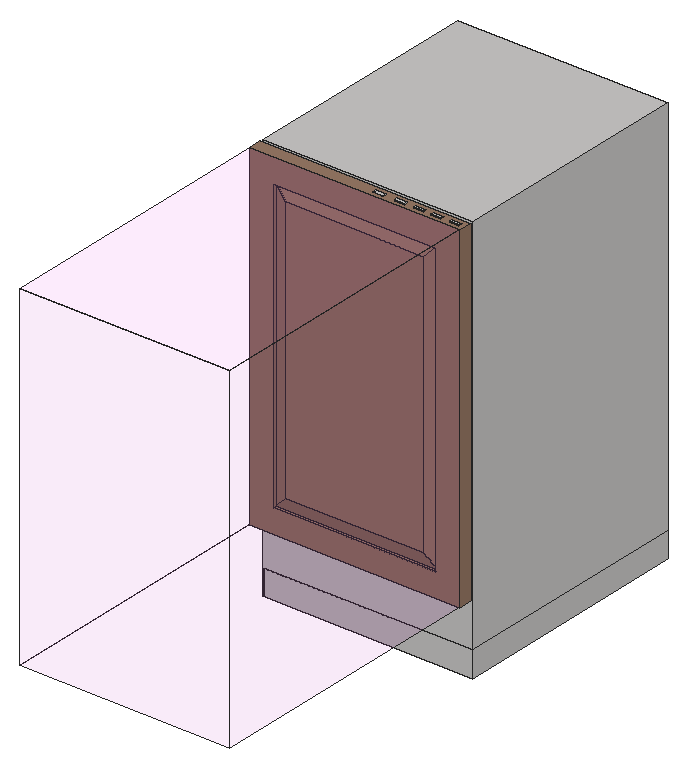
Revit family "QF_Summit_DW186NTADA_Dishwasher", category Specialty Equipment, Revit 2020
Family settings
  Round Connector Dimension = Use Diameter
  Part Type = Normal
  Work Plane-Based = No
  Always vertical = Yes
  Cut with Voids When Loaded = No
  Shared = No
  Room Calculation Point = No
Parameters
  Weight in Pounds = 95
  Watts = if(Phase = 3, Volts * FL Amps * 1.73, Volts * FL Amps)  # 1380 W
  Waste Water Discharge Temperature = -459.67 °F
  Volts = 115 V
  URL Cutsheet = ""
  Specification by User = ""
  Specification by Manufacturer = ""
  Show Legs [instance] = yes
  Show Door Clearance [instance] = yes
  Show Default Legs [instance] = not(Show Legs)  # no
  Serial Number = ""
  Seismic Rating = ""
  SMACNA No = ""
  Revision Code = ""
  Plumbing Remarks = ""
  Plumbing Connection Type = ""
  Phase = 1
  Number of Poles = 1
  NAFEM Spec ID Number = ""
  Model = "DW186NTADA"
  Min Ckt Ampacity = 0 A
  Max Overcurrent Protection = 0 A
  Masterspec = ""
  Manufacturer = "Summit"
  Length = 17 1/2"
  Item Number = ""
  Installed By = ""
  Indirect Waste Size = 1/2"
  Indirect Waste Flow = 0 GPM
  Indirect Waste Connection Type = ""
  Indirect Waste Connection Height = 0"
  Identify Quantity as Lot = yes
  Height [instance] = if(Show Default Legs, 32 1/4", 34")  # 34"
  HP = ""
  Furnished By = ""
  Foodservice Equipment Identifier = yes
  FL Amps = 12 A
  Electrical Remarks = ""
  Electric Connection Type = ""
  Elec Conn RI Height = 0"
  Elec Conn Connection Height = 0"
  Description = "Dishwasher"
  Depth = 21 5/8"
  Default Elevation = 0"
  Cycle = 60 Hz
  Conn Plug = ""
  Conn Conduit = yes
  Cold Water Temperature Recommended = -459.67 °F
  Cold Water Size = 1/2"
  Cold Water RI Height = 0"
  Cold Water Minimum Pressure = 0.00 psi
  Cold Water Maximum Pressure = 0.00 psi
  Cold Water Flow = 0 GPM
  Cold Water Consumption = ""
  Cold Water Connection Height = 0"
  CSI MasterFormat = ""
  Apparent Power = if(Phase = 3, Volts * FL Amps * 1.73, Volts * FL Amps)  # 1380 VA
Reference planes (in)
  plane 1 "BACK": y = 0
  plane 2: z = 0
  plane 3 "LEFT": x = 0
  plane 4 "RIGHT": x = 17.5
  plane 5 "FRONT": y = -21.625
  plane 6 "TOP": z = 34
  plane 7 "Center Y": x = 8.75
  plane 8 "Center X": y = -10.8125
  plane 9: y = -22.5
  plane 10: y = -20.25
  plane 11: y = -45.5
  plane 12: z = 1.75
  plane 13: z = 2.125
  plane 14: z = 5.875
  plane 15: z = 5.625
Forms (in)
  Revolve 1, solid, material "QF_Metal_Stainless_Polished", visible <- "Show Default Legs"
    sketch origin (0, -2, 0) x (1, 0, 0) y (0, 0, 1)
      loop
        line (1.73437, 1.75) -> (1.73437, 2.125) -> (1.1733, 2.125) -> (1.1733, 2) -> (1, 2) -> (1, 1.75) -> (1.73437, 1.75)
      axis (1.73437, 2.125) -> (1.73437, 1.75)
    angle from 0 to 360
  Revolve 2, solid, material "QF_Metal_Stainless_Polished", visible <- "Show Default Legs"
    sketch origin (0, -18.25, 0) x (1, 0, 0) y (0, 0, 1)
      loop
        line (1.73437, 1.75) -> (1.73437, 2.125) -> (1.1733, 2.125) -> (1.1733, 2) -> (1, 2) -> (1, 1.75) -> (1.73437, 1.75)
      axis (1.73437, 2.125) -> (1.73437, 1.75)
    angle from 0 to 360
  Revolve 3, solid, material "QF_Metal_Stainless_Polished", visible <- "Show Default Legs"
    sketch origin (17.5, -2, 0) x (-1, 0, 0) y (0, 0, -1)
      loop
        line (1.73437, -1.75) -> (1, -1.75) -> (1, -2) -> (1.1733, -2) -> (1.1733, -2.125) -> (1.73437, -2.125) -> (1.73437, -1.75)
      axis (1.73437, -2.125) -> (1.73437, -1.75)
    angle from 0 to 360
  Revolve 4, solid, material "QF_Metal_Stainless_Polished", visible <- "Show Default Legs"
    sketch origin (17.5, -18.25, 0) x (-1, 0, 0) y (0, 0, -1)
      loop
        line (1.73437, -1.75) -> (1, -1.75) -> (1, -2) -> (1.1733, -2) -> (1.1733, -2.125) -> (1.73437, -2.125) -> (1.73437, -1.75)
      axis (1.73437, -2.125) -> (1.73437, -1.75)
    angle from 0 to 360
  Revolve 5, solid, material "QF_Metal_Stainless_Polished", visible <- "Show Legs"
    sketch origin (0, -2, 0) x (1, 0, 0) y (0, 0, 1)
      loop
        line (1, 0) -> (1.73437, 0) -> (1.73437, 2.125) -> (1.1733, 2.125) -> (1.1733, 0.25) -> (1, 0.25) -> (1, 0)
      axis (1.73437, 2.125) -> (1.73437, 0)
    angle from 0 to 360
  Revolve 6, solid, material "QF_Metal_Stainless_Polished", visible <- "Show Legs"
    sketch origin (0, -18.25, 0) x (1, 0, 0) y (0, 0, 1)
      loop
        line (1, 0) -> (1.73437, 0) -> (1.73437, 2.125) -> (1.1733, 2.125) -> (1.1733, 0.25) -> (1, 0.25) -> (1, 0)
      axis (1.73437, 2.125) -> (1.73437, 0)
    angle from 0 to 360
  Revolve 7, solid, material "QF_Metal_Stainless_Polished", visible <- "Show Legs"
    sketch origin (17.5, -2, 0) x (-1, 0, 0) y (0, 0, -1)
      loop
        line (1, 0) -> (1, -0.25) -> (1.1733, -0.25) -> (1.1733, -2.125) -> (1.73437, -2.125) -> (1.73437, 0) -> (1, 0)
      axis (1.73437, -2.125) -> (1.73437, 0)
    angle from 0 to 360
  Revolve 8, solid, material "QF_Metal_Stainless_Polished", visible <- "Show Legs"
    sketch origin (17.5, -18.25, 0) x (-1, 0, 0) y (0, 0, -1)
      loop
        line (1, 0) -> (1, -0.25) -> (1.1733, -0.25) -> (1.1733, -2.125) -> (1.73437, -2.125) -> (1.73437, 0) -> (1, 0)
      axis (1.73437, -2.125) -> (1.73437, 0)
    angle from 0 to 360
  Extrusion 9, solid, material "QF_Metal_Stainless_Polished", visible <- "Show Legs"
    sketch origin (0, 0, 0) x (1, 0, 0) y (0, 1, 0)
      loop
        line (0, 0) -> (0, -20.25) -> (17.5, -20.25) -> (17.5, 0) -> (0, 0)
      loop
        line (0.0625, -20.1875) -> (17.4375, -20.1875) -> (17.4375, -0.0625) -> (0.0625, -0.0625) -> (0.0625, -20.1875)
    from 0 to 2.125
Dimensions and locks (in)
  equal spacing: plane 3 "LEFT", plane 7 "Center Y", plane 4 "RIGHT"
  "Length": plane 3 "LEFT" to plane 4 "RIGHT"
  equal spacing: plane 5 "FRONT", plane 8 "Center X", plane 1 "BACK"
  "Depth": plane 5 "FRONT" to plane 1 "BACK"
  "Height": plane 6 "TOP" to level
  plane 9 to plane 1 "BACK" = 22 1/2"
  plane 10 to plane 1 "BACK" = 20 1/4"
  plane 11 to plane 1 "BACK" = 45 1/2"
  plane 6 "TOP" to plane 12 = 32 1/4"
  plane 6 "TOP" to plane 14 = 28 1/8"
  plane 13 to plane 12 = 3/8"
  plane 15 to plane 13 = 3 1/2"
  plane 4 "RIGHT" to plane 3 "LEFT" = 17 1/2"
  plane 5 "FRONT" to plane 1 "BACK" = 21 5/8"
  aligned and locked: level to plane 2
  aligned and locked: plane 13 to nested 1
Automatic sketch dimensions
  Revolve 1 sketch curve to plane 12 = 0"  (x2)
  Revolve 1 sketch curve to plane 13 = 0"
  Revolve 1 sketch curve to plane 13 = 1/8"
  plane 3 "LEFT" to Revolve 1 sketch curve = 1"
  Revolve 1 sketch curve to Revolve 1 sketch curve = 0.1733"
  Revolve 1 sketch curve to Revolve 1 sketch curve = 0.56107"
  Revolve 1 sketch curve to Revolve 1 sketch curve = 0"
  Revolve 1 sketch curve to Revolve 1 sketch curve = 1/4"
  Revolve 2 sketch curve to plane 12 = 0"  (x2)
  Revolve 2 sketch curve to plane 13 = 0"
  Revolve 2 sketch curve to plane 13 = 1/8"
  plane 3 "LEFT" to Revolve 2 sketch curve = 1"
  Revolve 2 sketch curve to Revolve 2 sketch curve = 0.1733"
  Revolve 2 sketch curve to Revolve 2 sketch curve = 0.56107"
  Revolve 2 sketch curve to Revolve 2 sketch curve = 0"
  Revolve 2 sketch curve to Revolve 2 sketch curve = 1/4"
  Revolve 3 sketch curve to plane 12 = 0"  (x2)
  Revolve 3 sketch curve to plane 13 = 0"
  Revolve 3 sketch curve to plane 13 = 1/8"
  plane 4 "RIGHT" to Revolve 3 sketch curve = 1"
  Revolve 3 sketch curve to Revolve 3 sketch curve = 0.1733"
  Revolve 3 sketch curve to Revolve 3 sketch curve = 0.56107"
  Revolve 3 sketch curve to Revolve 3 sketch curve = 0"
  Revolve 3 sketch curve to plane 12 = 1/4"
  Revolve 4 sketch curve to plane 12 = 0"  (x2)
  Revolve 4 sketch curve to plane 13 = 0"
  Revolve 4 sketch curve to plane 13 = 1/8"
  plane 4 "RIGHT" to Revolve 4 sketch curve = 1"
  Revolve 4 sketch curve to Revolve 4 sketch curve = 0.1733"
  Revolve 4 sketch curve to Revolve 4 sketch curve = 0.56107"
  Revolve 4 sketch curve to Revolve 4 sketch curve = 0"
  Revolve 4 sketch curve to Revolve 4 sketch curve = 1/4"
  Revolve 5 sketch curve to level = 0"  (x2)
  Revolve 5 sketch curve to plane 13 = 0"
  plane 3 "LEFT" to Revolve 5 sketch curve = 1"
  plane 3 "LEFT" to Revolve 5 sketch curve = 1.1733"
  Revolve 5 sketch curve to Revolve 5 sketch curve = 0.56107"
  level to Revolve 5 sketch curve = 1/4"
  Revolve 5 sketch curve to Revolve 5 sketch curve = 0"
  Revolve 5 sketch curve to level = 1"
  Revolve 6 sketch curve to level = 0"  (x2)
  Revolve 6 sketch curve to plane 13 = 0"
  plane 3 "LEFT" to Revolve 6 sketch curve = 1"
  plane 3 "LEFT" to Revolve 6 sketch curve = 1.1733"
  Revolve 6 sketch curve to Revolve 6 sketch curve = 0.56107"
  level to Revolve 6 sketch curve = 1/4"
  Revolve 6 sketch curve to Revolve 6 sketch curve = 0"
  Revolve 6 sketch curve to level = 1"
  Revolve 7 sketch curve to level = 0"  (x2)
  Revolve 7 sketch curve to plane 13 = 0"
  plane 4 "RIGHT" to Revolve 7 sketch curve = 1"
  plane 4 "RIGHT" to Revolve 7 sketch curve = 1.1733"
  Revolve 7 sketch curve to Revolve 7 sketch curve = 0.56107"
  level to Revolve 7 sketch curve = 1/4"
  Revolve 7 sketch curve to Revolve 7 sketch curve = 0"
  Revolve 7 sketch curve to Revolve 7 sketch curve = 1"
  Revolve 8 sketch curve to level = 0"  (x2)
  Revolve 8 sketch curve to plane 13 = 0"
  plane 4 "RIGHT" to Revolve 8 sketch curve = 1"
  plane 4 "RIGHT" to Revolve 8 sketch curve = 1.1733"
  Revolve 8 sketch curve to Revolve 8 sketch curve = 0.56107"
  level to Revolve 8 sketch curve = 1/4"
  Revolve 8 sketch curve to Revolve 8 sketch curve = 0"
  Revolve 8 sketch curve to Revolve 8 sketch curve = 1"
  Extrusion 9 sketch curve to plane 3 "LEFT" = 0"
  Extrusion 9 sketch curve to plane 4 "RIGHT" = 0"
  Extrusion 9 sketch curve to plane 10 = 0"
  plane 1 "BACK" to Extrusion 9 sketch curve = 0"
  plane 3 "LEFT" to Extrusion 9 sketch curve = 1/16"
  plane 4 "RIGHT" to Extrusion 9 sketch curve = 1/16"
  plane 10 to Extrusion 9 sketch curve = 1/16"
  plane 1 "BACK" to Extrusion 9 sketch curve = 1/16"
Nested families (in)
  nested 1: "DW186NTADA" at (0, 0, 0), Show Door Clearance <- "Show Door Clearance", type "DW186NTADA"
    with Show Door Clearance yes, Height 34"
Connectors (in)
  piping at (3.97121, 0.25, 3.73901), diameter 0.5, driven by "Cold Water Size"
    settings: on nested 1, index 1, connector inside diameter 24", connector length 0", flow factor 0, pipe flow 0 GPM, pressure drop 0.00 psi, fitting loss kfactor 0, connector angle 0.00°, fixture units 0, engagement length 0", angle of deflection 0.00°, flow configuration 1, flow direction 1, fitting loss method 0, system type 20, joint type 0, gender type 0, connector reference index -1, connector utility 0, adjustable connector no, is connector primary yes, connector description "Water Connection"
  piping at (5.97121, 0.25, 3.73901), diameter 0.5, driven by "Indirect Waste Size"
    settings: on nested 1, index 2, connector inside diameter 24", connector length 0", flow factor 0, pipe flow 0 GPM, pressure drop 0.00 psi, fitting loss kfactor 0, connector angle 0.00°, fixture units 0, engagement length 0", angle of deflection 0.00°, flow configuration 1, flow direction 2, fitting loss method 0, system type 16, joint type 0, gender type 0, connector reference index -1, connector utility 0, adjustable connector no, is connector primary no, connector description "Drain Connection"
  electrical at (8.00246, 0.25, 3.73901), driven by "Volts", driven by "Watts"
    settings: on nested 1, index 3, voltage 115 V, apparent load 1380 VA, apparent load phase1 0 VA, apparent load phase2 0 VA, apparent load phase3 0 VA, power factor 1, load classification "Other", number of poles 1, system type 30, power factor state 1, is connector primary yes, connector utility no, sub classification motor no, connector description "Electrical Connection"
Definition of nested family "DW186NTADA"
  Parameters (values of type "DW186NTADA")
    Weight in Pounds = 0
    Watts = if(Phase = 3, Volts * FL Amps * 1.73, Volts * FL Amps)  # 0 W
    Volts = 0 V
    URL Cutsheet = ""
    Specification by User = ""
    Specification by Manufacturer = ""
    Show Door Clearance [instance] = yes
    Serial Number = ""
    Seismic Rating = ""
    SMACNA No = ""
    Revision Code = ""
    Phase = 0
    Number of Poles = 1
    NAFEM Spec ID Number = ""
    Min Ckt Ampacity = 0 A
    Max Overcurrent Protection = 0 A
    Masterspec = ""
    Length = 17 1/2"
    Item Number = ""
    Installed By = ""
    Identify Quantity as Lot = yes
    Height [instance] = 34"
    HP = ""
    Furnished By = ""
    Foodservice Equipment Identifier = yes
    FL Amps = 0 A
    Electrical Remarks = ""
    Electric Connection Type = ""
    Elec Conn RI Height = 0"
    Elec Conn Connection Height = 0"
    Depth = 22 1/2"
    Default Elevation = 0"
    Cycle = 0 Hz
    Conn Plug = ""
    Conn Conduit = yes
    CSI MasterFormat = ""
    Apparent Power = if(Phase = 3, Volts * FL Amps * 1.73, Volts * FL Amps)  # 0 VA
  Reference planes (in)
    plane 1 "BACK": y = 0
    plane 2: z = 0
    plane 3 "LEFT": x = 0
    plane 4 "RIGHT": x = 17.5
    plane 5 "FRONT": y = -22.5
    plane 6 "TOP": z = 34
    plane 7 "Center Y": x = 8.75
    plane 8 "Center X": y = -11.25
    plane 9: y = -20.25
    plane 10: y = -45.5
    plane 11: z = 1.75
    plane 12: z = 2.125
    plane 13: z = 5.875
    plane 14: z = 5.625
    plane 15: y = -21.625
  Forms (in)
    Extrusion 1, solid
      sketch origin (-8.01619, -180, 2.125) x (-1, 0, 0) y (0, -1, 0)
        loop
          line (-8.01619, -180) -> (-8.01619, -159.75) -> (-25.51619, -159.75) -> (-25.51619, -180) -> (-8.01619, -180)
      from 0 to 31.875
    Extrusion 2, solid
      sketch origin (-9.94716, -20.5, 48) x (-1, 0, 0) y (0, 0, 1)
        loop
          line (-10.44716, -14.5) -> (-26.94716, -14.5) -> (-26.94716, -41.625) -> (-10.44716, -41.625) -> (-10.44716, -14.5)
      from 0 to 0.25
    Extrusion 3, solid
      sketch origin (0, 0, 0) x (1, 0, 0) y (0, 0, 1)
        loop
          circle (3.97121, 3.73901) r 0.5
      from 0 to -0.25
    Extrusion 4, solid
      sketch origin (2, 0, 0) x (1, 0, 0) y (0, 0, 1)
        loop
          circle (3.97121, 3.73901) r 0.5
      from 0 to -0.25
    Extrusion 5, solid
      sketch origin (4, 0, 0) x (1, 0, 0) y (0, 0, 1)
        loop
          circle (4.00246, 3.73901) r 0.34934
      from 0 to -0.25
    Extrusion 6, solid
      sketch origin (0, -22.5, 34) x (1, 0, 0) y (0, 1, 0)
        loop
          line (9.96145, 1.58403) -> (9.96145, 1.29627) -> (10.78645, 1.29627) -> (10.78645, 1.58403) -> (9.96145, 1.58403)
        loop
          line (11.72707, 1.58403) -> (11.72707, 1.29627) -> (12.55207, 1.29627) -> (12.55207, 1.58403) -> (11.72707, 1.58403)
        loop
          line (13.3052, 1.58403) -> (13.3052, 1.29627) -> (14.1302, 1.29627) -> (14.1302, 1.58403) -> (13.3052, 1.58403)
        loop
          line (14.78957, 1.58403) -> (14.78957, 1.29627) -> (15.61457, 1.29627) -> (15.61457, 1.58403) -> (14.78957, 1.58403)
        loop
          line (16.28957, 1.58403) -> (16.28957, 1.29627) -> (17.11457, 1.29627) -> (17.11457, 1.58403) -> (16.28957, 1.58403)
      from 0 to 0.05469
    Extrusion 7, solid, visible <- "Show Door Clearance"
      sketch origin (-8.01619, -179.125, 5.875) x (-1, 0, 0) y (0, -1, 0)
        loop
          line (-8.01619, -157.5) -> (-8.01619, -133.625) -> (-25.51619, -133.625) -> (-25.51619, -157.5) -> (-8.01619, -157.5)
      from 0 to 28.125
    Extrusion 8, solid
      sketch origin (23.625, -21.5, 6.375) x (-1, 0, 0) y (0, 0, 1)
        loop
          line (23.625, 27.625) -> (6.125, 27.625) -> (6.125, -0.5) -> (23.625, -0.5) -> (23.625, 27.625)
        loop
          line (21.625, 1.5) -> (21.625, 25.625) -> (8.125, 25.625) -> (8.125, 1.5) -> (21.625, 1.5)
      from 1 to -0.125
    Blend 9, solid
      base sketch origin (23.625, -21.375, 6.375) x (1, 0, 0) y (0, 0, 1)
        loop
          line (-21.625, 25.625) -> (-21.625, 1.5) -> (-8.125, 1.5) -> (-8.125, 25.625) -> (-21.625, 25.625)
      top sketch origin (23.625, -21.375, 6.375) x (-1, 0, 0) y (0, 0, 1)
        loop
          line (20.625, 2.5016) -> (20.625, 24.625) -> (9.125, 24.625) -> (9.125, 2.5016) -> (20.625, 2.5016)
      from 0 to 0.25
  Lines and regions (in)
    symbolic lines
      curve 1: line (0, 0, 0) -> (0, -20.25, 0)
      curve 2: line (17.5, 0, 0) -> (0, 0, 0)
      curve 3: line (17.5, -20.25, 0) -> (17.5, 0, 0)
      curve 4: line (0, -20.25, 0) -> (17.5, -20.25, 0)
      curve 5: line (17.5, -20.5, 0) -> (0, -20.5, 0)
      curve 6: line (0, -20.5, 0) -> (0, -21.625, 0)
      curve 7: line (0, -21.625, 0) -> (17.5, -21.625, 0)
      curve 8: line (17.5, -21.625, 0) -> (17.5, -20.5, 0)
      curve 9: line (17, -20.5, 0) -> (17, -20.25, 0)
      curve 10: line (0.5, -20.25, 0) -> (0.5, -20.5, 0)
      curve 11: line (9.96145, -21.20373, 0) -> (10.78645, -21.20373, 0)
      curve 12: line (10.78645, -21.20373, 0) -> (10.78645, -20.91597, 0)
      curve 13: line (10.78645, -20.91597, 0) -> (9.96145, -20.91597, 0)
      curve 14: line (9.96145, -20.91597, 0) -> (9.96145, -21.20373, 0)
      curve 15: line (11.72707, -21.20373, 0) -> (12.55207, -21.20373, 0)
      curve 16: line (12.55207, -21.20373, 0) -> (12.55207, -20.91597, 0)
      curve 17: line (12.55207, -20.91597, 0) -> (11.72707, -20.91597, 0)
      curve 18: line (11.72707, -20.91597, 0) -> (11.72707, -21.20373, 0)
      curve 19: line (13.3052, -21.20373, 0) -> (14.1302, -21.20373, 0)
      curve 20: line (14.1302, -21.20373, 0) -> (14.1302, -20.91597, 0)
      curve 21: line (14.1302, -20.91597, 0) -> (13.3052, -20.91597, 0)
      curve 22: line (13.3052, -20.91597, 0) -> (13.3052, -21.20373, 0)
      curve 23: line (14.78957, -21.20373, 0) -> (15.61457, -21.20373, 0)
      curve 24: line (15.61457, -21.20373, 0) -> (15.61457, -20.91597, 0)
      curve 25: line (15.61457, -20.91597, 0) -> (14.78957, -20.91597, 0)
      curve 26: line (14.78957, -20.91597, 0) -> (14.78957, -21.20373, 0)
      curve 27: line (16.28957, -21.20373, 0) -> (17.11457, -21.20373, 0)
      curve 28: line (17.11457, -21.20373, 0) -> (17.11457, -20.91597, 0)
      curve 29: line (17.11457, -20.91597, 0) -> (16.28957, -20.91597, 0)
      curve 30: line (16.28957, -20.91597, 0) -> (16.28957, -21.20373, 0)
    symbolic lines, visible <- "Show Door Clearance"
      curve 31: line (0, -21.625, 0) -> (0, -45.5, 0)
      curve 32: line (17.5, -45.5, 0) -> (17.5, -21.625, 0)
      curve 33: line (0, -45.5, 0) -> (17.5, -45.5, 0)
  Dimensions and locks (in)
    equal spacing: plane 3 "LEFT", plane 7 "Center Y", plane 4 "RIGHT"
    "Length": plane 3 "LEFT" to plane 4 "RIGHT"
    equal spacing: plane 5 "FRONT", plane 8 "Center X", plane 1 "BACK"
    "Depth": plane 5 "FRONT" to plane 1 "BACK"
    "Height": plane 6 "TOP" to level
    plane 9 to plane 1 "BACK" = 20 1/4"
    plane 10 to plane 1 "BACK" = 45 1/2"
    plane 6 "TOP" to plane 11 = 32 1/4"  (x2)
    plane 12 to plane 11 = 3/8"
    plane 14 to plane 12 = 3 1/2"
    plane 4 "RIGHT" to plane 3 "LEFT" = 17 1/2"
    plane 15 to plane 1 "BACK" = 21 5/8"
    aligned and locked: level to plane 2
  Automatic sketch dimensions
    plane 1 "BACK" to curve 1 = 0"
    curve 1 to plane 3 "LEFT" = 0"
    curve 33 to plane 3 "LEFT" = 0"
    curve 10 to plane 9 = 0"
    curve 5 to plane 4 "RIGHT" = 0"
    curve 4 to plane 4 "RIGHT" = 0"
    curve 33 to plane 10 = 0"
    curve 32 to plane 5 "FRONT" = 7/8"
    plane 7 "Center Y" to curve 13 = 1.21145"
    curve 13 to curve 13 = 0.825"
    curve 12 to curve 17 = 0.94063"
    curve 17 to curve 16 = 0.825"
    curve 16 to curve 22 = 0.75313"
    curve 21 to curve 20 = 0.825"
    curve 20 to curve 26 = 0.65938"
    curve 23 to curve 24 = 0.825"
    curve 23 to curve 30 = 0.675"
    plane 4 "RIGHT" to curve 28 = 0.38543"
    curve 22 to plane 9 = 0.95373"
    curve 19 to curve 23 = 0"
    curve 23 to curve 30 = 0"
    curve 11 to plane 9 = 0.95373"
    curve 11 to curve 18 = 0"
    curve 11 to curve 14 = 0.28776"
    curve 15 to curve 16 = 0.28776"
    curve 23 to curve 26 = 0.28776"
    curve 27 to curve 28 = 0.28776"
    curve 19 to curve 20 = 0.28776"
    curve 5 to plane 9 = 1/4"
    plane 3 "LEFT" to curve 10 = 1/2"
    curve 9 to curve 28 = 0.11457"
    plane 1 "BACK" to Extrusion 1 sketch curve = 0"
    Extrusion 1 sketch curve to plane 4 "RIGHT" = 0"
    Extrusion 1 sketch curve to plane 3 "LEFT" = 0"
    Extrusion 1 sketch curve to plane 9 = 0"
    plane 4 "RIGHT" to Extrusion 2 sketch curve = 1/2"
    plane 3 "LEFT" to Extrusion 2 sketch curve = 1/2"
    plane 13 to Extrusion 2 sketch curve = 1/2"
    Extrusion 2 sketch curve to plane 6 "TOP" = 1/2"
    plane 12 to Extrusion 3 sketch curve = 1.61401"
    plane 3 "LEFT" to Extrusion 3 sketch curve = 3.97121"
    Extrusion 4 sketch curve to plane 7 "Center Y" = 2.77879"
    plane 12 to Extrusion 4 sketch curve = 1.61401"
    Extrusion 5 sketch curve to plane 7 "Center Y" = 0.74754"
    plane 12 to Extrusion 5 sketch curve = 1.61401"
    plane 7 "Center Y" to Extrusion 6 sketch curve = 1.21145"
    Extrusion 6 sketch curve to Extrusion 6 sketch curve = 0.825"  (x4)
    Extrusion 6 sketch curve to Extrusion 6 sketch curve = 0.94063"
    Extrusion 6 sketch curve to Extrusion 6 sketch curve = 0.75313"
    Extrusion 6 sketch curve to Extrusion 6 sketch curve = 0.65938"
    Extrusion 6 sketch curve to Extrusion 6 sketch curve = 0.675"
    plane 4 "RIGHT" to Extrusion 6 sketch curve = 0.38543"
    Extrusion 6 sketch curve to plane 9 = 0.95373"  (x3)
    Extrusion 6 sketch curve to Extrusion 6 sketch curve = 0"  (x2)
    Extrusion 6 sketch curve to Extrusion 6 sketch curve = 0.28776"  (x5)
    Extrusion 7 sketch curve to plane 4 "RIGHT" = 0"
    Extrusion 7 sketch curve to plane 3 "LEFT" = 0"
    Extrusion 7 sketch curve to plane 5 "FRONT" = 7/8"
    plane 10 to Extrusion 7 sketch curve = 0"
    plane 4 "RIGHT" to Extrusion 8 sketch curve = 0"
    Extrusion 8 sketch curve to plane 3 "LEFT" = 0"
    plane 4 "RIGHT" to Extrusion 8 sketch curve = 2"
    plane 3 "LEFT" to Extrusion 8 sketch curve = 2"
    level to Extrusion 8 sketch curve = 5 7/8"
    plane 12 to Extrusion 8 sketch curve = 5 3/4"
    Extrusion 8 sketch curve to plane 6 "TOP" = 2"
    Extrusion 8 sketch curve to Extrusion 8 sketch curve = 2"
    plane 12 to Blend 9 sketch curve = 5 3/4"
    plane 3 "LEFT" to Blend 9 sketch curve = 2"
    plane 4 "RIGHT" to Blend 9 sketch curve = 2"
    Blend 9 sketch curve to plane 6 "TOP" = 2"
    plane 4 "RIGHT" to Blend 9 sketch curve = 3"
    plane 12 to Blend 9 sketch curve = 6.7516"
    plane 3 "LEFT" to Blend 9 sketch curve = 3"
    Blend 9 sketch curve to plane 6 "TOP" = 3"
    radius of Extrusion 3 sketch curve = 1/2"
    radius of Extrusion 4 sketch curve = 1/2"
    radius of Extrusion 5 sketch curve = 0.34934"
